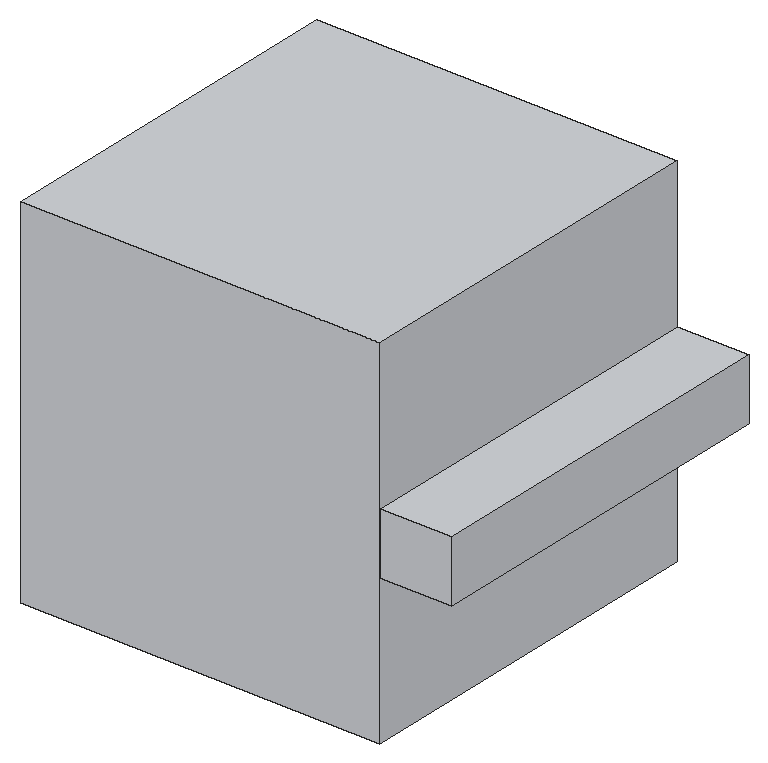
Revit family "НЕВАТОМ_Адаптер РЩ-K-3_20220407", category Арматура воздуховодов, Revit 2017
Family settings
  Размер круглого соединителя = Использовать диаметр
  Тип детали = Вставляется
  На основе рабочей плоскости = Нет
  Всегда вертикально = Нет
  При загрузке вырезать с полостями = Нет
  Общий = Нет
Parameters (values of type "РЩ-K-3")
  Nevatom_URL = "https://t.me/NEVATOM_Bim_bot"
  H2 [instance] = 150 mm
  Материал = Материал корпуса
  t = 2 mm  # constant formula
  Nevatom_Частотный преобразователь = ""
  Nevatom_Регулятор расхода = ""
  Nevatom_ Для задания электроснабжения = ""
  D [instance] = 100 mm
  ADSK_Размер_Ширина [instance] = B + 16 mm  # 516 mm
  ADSK_Размер_Длина [instance] = A1  # 500 mm
  ADSK_Размер_Высота [instance] = H2 + H1 + H  # 750 mm
  ADSK_Материал наименование = "Оцинкованная сталь"  # constant formula
  A+3 [instance] = A + 3 mm  # 86 mm
  H1 [instance] = 500 mm
  H [instance] = 100 mm
  B+16 [instance] = B + 16 mm  # 516 mm
  B [instance] = 500 mm
  A1 = 500 mm
  A [instance] = 83 mm
  ADSK_Примечание = ""
  ADSK_Позиция = ""
  ADSK_Наименование = "АДАПТЕР РЩ"
  ADSK_Масса_Текст = "кг"
  ADSK_Масса = 0
  ADSK_Марка = "-K-3-ОЦ.-0.7-Т2-RAL1000"
  ADSK_Код изделия = ""
  ADSK_Завод-изготовитель = "NEVATOM"
  ADSK_Единица измерения = "шт"
Reference planes
  plane 1 "По центру (Вперед/Назад)": y = 0
  plane 2: z = -250
  plane 3 "По центру (Влево/Вправо)": x = 0
  plane 4: x = -250
  plane 5: x = 250
  plane 6: z = 250
  plane 7: y = -258
  plane 8: y = 258
  plane 9: z = 0
  plane 10: x = 350
  plane 11: z = 400
  plane 12: x = -400
Forms (mm)
  Extrusion 1, solid
    sketch origin (0, 0, 0) x (1, 0, 0) y (0, 0, 1)
      loop
        line (-250, 250) -> (-250, -250) -> (250, -250) -> (250, 250) -> (-250, 250)
    from -258 to 258
  Extrusion 2, solid
    sketch origin (0, 0, 0) x (1, 0, 0) y (0, 1, 0)
      loop
        line (250, 258) -> (250, -258) -> (350, -258) -> (350, 258) -> (250, 258)
    from -43 to 43
  Extrusion 3, solid
    sketch origin (0, 0, 0) x (0, 1, 0) y (0, 0, 1)
      loop
        circle (0, 0) r 50
    from -400 to -250
Dimensions and locks
  equal spacing: plane 4, plane 3 "По центру (Влево/Вправо)", plane 5
  equal spacing: plane 5, plane 3 "По центру (Влево/Вправо)", plane 4
  "A1": plane 6 to plane 2
  equal spacing: plane 6, level, plane 2
  "H1": plane 5 to plane 4
  equal spacing: plane 8, plane 1 "По центру (Вперед/Назад)", plane 7
  "B+16": plane 8 to plane 7
  "H": plane 5 to plane 10
  equal spacing: Extrusion 2, level, Extrusion 2
  "A+3": Extrusion 2 to Extrusion 2
  "H2": plane 11 to plane 6
  "H2": plane 12 to plane 4
  "D": diameter of Extrusion 3 sketch curve
  aligned and locked: level to plane 9
  aligned and locked: Extrusion 1 sketch curve to plane 6
  aligned and locked: plane 4 to Extrusion 1 sketch curve
  aligned and locked: plane 2 to Extrusion 1 sketch curve
  aligned and locked: Extrusion 1 sketch curve to plane 5
  aligned and locked: Extrusion 1 to plane 7
  aligned and locked: plane 8 to Extrusion 1
  aligned and locked: Extrusion 1 to Extrusion 2 sketch curve
  aligned and locked: Extrusion 2 sketch curve to Extrusion 1
  aligned and locked: plane 7 to Extrusion 2 sketch curve
  aligned and locked: Extrusion 2 sketch curve to plane 10
  aligned and locked: Extrusion 3 to plane 12
  aligned and locked: plane 4 to Extrusion 3
  aligned and locked: nested 1 to Extrusion 1  (x3)
Automatic sketch dimensions
  Extrusion 3 sketch curve to level = 0 mm
  Extrusion 3 sketch curve to plane 1 "По центру (Вперед/Назад)" = 0 mm
Nested families
  nested 1: "НЕВАТОМ_QR-AxB" at (200, -208, 250), type "Nevatom_Logo_100x100", not visible
Connectors
  hvac at (350, 0, 0), driven by "A", driven by "B"
    settings: on Extrusion 2, index 1, duct flow 0.0 L/s, flow factor 0, pres drop 0.0 Pa, loss coef 0, conn angle 0.00°, conn width 500 mm, conn height 83 mm, conn diameter 609.6 mm, duct sys type 29, conn prof type 1, flow config 0, flow direction 0, loss method 0, conn ref index -1, conn util no, is conn primary yes, conn desc ""
  hvac at (-400, 0, 0), driven by "D"
    settings: on Extrusion 3, index 2, duct flow 0.0 L/s, flow factor 0, pres drop 0.0 Pa, loss coef 0, conn angle 0.00°, conn width 304.8 mm, conn height 304.8 mm, conn diameter 100 mm, duct sys type 29, conn prof type 0, flow config 0, flow direction 0, loss method 0, conn ref index -1, conn util no, is conn primary no, conn desc ""
Definition of nested family "НЕВАТОМ_QR-AxB"
  Parameters (values of type "Nevatom_Logo_50x50")
    Logo_Image = none
    L = 2 mm
    B = A  # 50 mm
    A = 50 mm
  Types (5, lengths in mm): name | B | A
    (no name) | 50 | 50
    Nevatom_Logo_200x200 | 200 | 200
    Nevatom_Logo_100x100 | 100 | 100
    Nevatom_Logo_50x50 | 50 | 50
    Nevatom_Logo_25x25 | 25 | 25
  Reference planes
    plane 1 "По центру (Вперед/Назад)": y = 0
    plane 2: z = 0
    plane 3 "По центру (Влево/Вправо)": x = 0
    plane 4: x = -25
    plane 5: x = 25
    plane 6: y = 25
    plane 7: y = -25
  Forms (mm)
    Extrusion 1, solid, material <- "Logo_Image"
      sketch origin (0, 0, 0) x (1, 0, 0) y (0, 1, 0)
        loop
          line (-25, 25) -> (-25, -25) -> (25, -25) -> (25, 25) -> (-25, 25)
      from 0 to 2 <- "L"
  Lines and regions (mm)
    reference lines
      curve 1: line (-25, 25, 0) -> (25, 25, 0)
      curve 2: line (25, 25, 0) -> (25, -25, 0)
      curve 3: line (25, -25, 0) -> (-25, -25, 0)
      curve 4: line (-25, -25, 0) -> (-25, 25, 0)
  Dimensions and locks
    equal spacing: plane 4, plane 3 "По центру (Влево/Вправо)", plane 5
    "A": plane 4 to plane 5
    equal spacing: plane 6, plane 1 "По центру (Вперед/Назад)", plane 7
    "B": plane 6 to plane 7
    aligned and locked: level to plane 2
    aligned and locked: plane 6 to curve 1
    aligned and locked: plane 4 to curve 4
    aligned and locked: plane 5 to curve 2
    aligned and locked: plane 7 to curve 3
    aligned and locked: Extrusion 1 sketch curve to curve 1
    aligned and locked: Extrusion 1 sketch curve to curve 4
    aligned and locked: Extrusion 1 sketch curve to curve 3
    aligned and locked: Extrusion 1 sketch curve to curve 2
